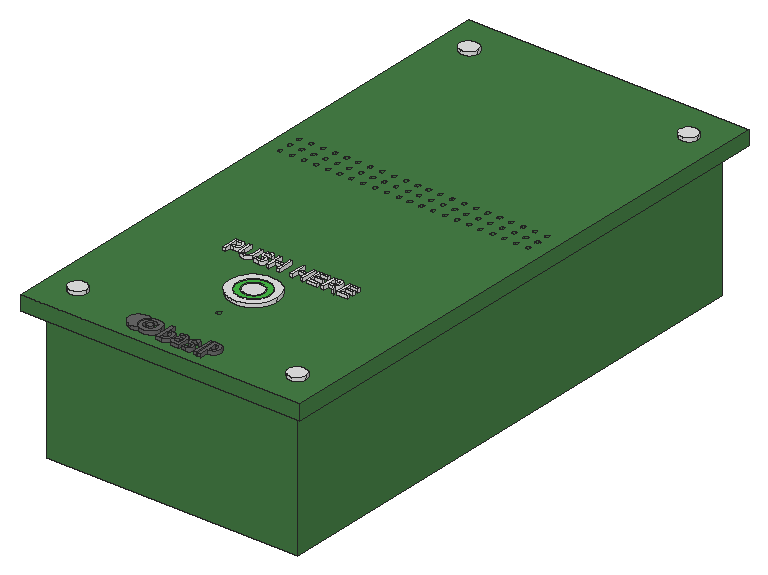
Revit family "AV-04AFD", category Устройства связи, Revit 2022
Family settings
  Размер круглого соединителя = Использовать диаметр
  Тип детали = Нормальный
  На основе рабочей плоскости = Да
  Всегда вертикально = Нет
  При загрузке вырезать с полостями = Нет
  Сохранять ориентацию аннотаций = Нет
  Общий = Да
  Точка принадлежности помещению = Нет
Parameters (values of type "AV-04AFD")
  Цветовое решение = "Серебро, Красный, Зеленый"
  Тип установки = "Врезной"
  Тип панели = "Индивидуальная"
  Температурный режим = "-40 ... +65 °С"
  Режим разговора = "Двухсторонний"
  Размер панели = "95х190х27 мм"
  Размер под установку, размер врезного кронштейна = "85х180х45 мм"
  Потребление питания = "6,5 Вт, в режиме ожидания – 2,5 Вт"
  Питание = "+ 12 Вольт, PoE"
  Default Elevation = 0 mm
  Описание = "BAS-IP AV-04AFD - Эта панель может быть установлена на специальных объектах с повышенными требованиями к пожарной безопасности. Она помогает организовать обратную связь с диспетчерской для подтверждения пожарной или аварийной ситуации."
  Материал корпуса = Материал темно-зеленый
  Корпус = "Металл"
  Количество мелодий вызова = "Установленные мелодии"
  Кнопки быстрого вызова = "Механическая кнопка"
  Класс степени защиты = "IP65"
  Интерфейс = "WEB–интерфейс"
  Изображение типоразмера = <Нет>
  Изготовитель = "BAS-IP"
  Дополнительно = "SIP P2P,  открытое API"
  Дисплей = "Нет"
  Группа модели = "Вызывная панель"
  Аутентификация = "WEB–интерфейс"
  URL = "https://www.bas-ip.ru"
  Email разработчика семейства = "lytvynchukartur@gmail.com"
  BIM library = "https://bimlib.ru/manufacturer/"
  ADSK_Размер_Ширина = 95 mm
  ADSK_Размер_Толщина = 27 mm
  ADSK_Размер_Длина = 190 mm
  ADSK_Примечание = ""
  ADSK_Полная мощность = 6.5 VA  # constant formula
  ADSK_Позиция = ""
  ADSK_Обозначение = ""
  ADSK_Номинальная мощность = 6.5 W
  ADSK_Напряжение = 12 V
  ADSK_Наименование краткое = "AV-04AFD"
  ADSK_Наименование = "ВЫЗЫВНАЯ ПАНЕЛЬ AV-04AFD"
  ADSK_Масса_Текст = ""
  ADSK_Марка = "AV-04AFD"
  ADSK_Коэффициент мощности = 0.9
  ADSK_Количество фаз = 1
  ADSK_Код изделия = ""
  ADSK_Классификация нагрузок = Вызывная панель
  ADSK_Зона = ""
  ADSK_Завод-изготовитель = "BAS-IP"
  ADSK_Единица измерения = "шт"
  ADSK_Версия Revit = "Revit 2020"  # constant formula
  ADSK_URL страницы изделия = "https://www.bas-ip.ru/catalog/panels/av-04afd/"
  ADSK_URL документации изделия = "https://www.bas-ip.ru/downloads/all/5824/"
Reference planes
  plane 1 "По центру (Вперед/Назад)": y = 0
  plane 2: z = 0
  plane 3 "По центру (Влево/Вправо)": x = 0
Forms (mm)
  Extrusion 1, solid, material "Материал черный", detail levels medium+fine
    sketch origin (-347.374, 95.5, 55) x (1, 0, 0) y (0, 1, 0)
      loop
        line (355.91, -186.947) -> (356.876, -186.947) -> (356.876, -179.913) -> (355.91, -179.913) -> (355.91, -186.947)
      loop
        line (357.377, -186.947) -> (358.377, -186.947) -> (358.377, -184.451)
        arc (358.377, -184.451) -> (361.041, -182.66) -> (359.379, -179.913) r 2.326
        line (359.379, -179.913) -> (357.377, -179.913) -> (357.377, -186.947)
      loop
        arc (358.377, -183.451) -> (360.221, -182.217) -> (358.377, -180.983) r 1.335
        line (358.377, -180.983) -> (358.377, -183.451)
      loop
        line (342.946, -179.913) -> (342.946, -186.947) -> (344.968, -186.947)
        spline (344.968, -186.947) -> (345.634, -186.72) -> (346.221, -186.353) -> (346.689, -185.871) -> (347.005, -185.307) -> (347.148, -184.699) -> (347.109, -184.089) -> (346.89, -183.519) -> (346.506, -183.026) -> (345.984, -182.646) -> (345.358, -182.403) -> (344.672, -182.314) -> (343.972, -182.385)
        line (343.972, -182.385) -> (343.972, -179.913) -> (342.946, -179.913)
      loop
        line (343.972, -183.426) -> (343.972, -185.927) -> (345.157, -185.927)
        spline (345.157, -185.927) -> (345.542, -185.692) -> (345.86, -185.388) -> (346.09, -185.036) -> (346.217, -184.659) -> (346.23, -184.283) -> (346.13, -183.934) -> (345.923, -183.636) -> (345.624, -183.408) -> (345.252, -183.267) -> (344.834, -183.222) -> (344.397, -183.276) -> (343.972, -183.426)
      loop
        line (354.371, -183.077) -> (354.371, -182.08)
        arc (354.371, -182.08) -> (353.527, -181.636) -> (352.582, -181.765) r 1.562
        arc (352.582, -181.765) -> (351.902, -182.393) -> (351.698, -183.296) r 1.562
        arc (351.698, -183.296) -> (352.118, -184.311) -> (353.134, -184.732) r 1.436
        arc (353.134, -184.732) -> (353.678, -184.957) -> (353.903, -185.501) r 0.769
        arc (353.903, -185.501) -> (353.519, -186.167) -> (352.749, -186.167) r 0.769
        line (352.749, -186.167) -> (351.665, -185.976) -> (351.665, -186.777) -> (353.173, -187.043)
        arc (353.173, -187.043) -> (354.539, -185.977) -> (354.178, -184.282) r 1.634
        line (354.178, -184.282) -> (353.112, -183.956)
        arc (353.112, -183.956) -> (352.563, -183.005) -> (353.595, -182.629) r 0.717
        line (353.595, -182.629) -> (354.371, -183.077)
      loop
        line (350.666, -186.947) -> (350.666, -182.599)
        arc (350.666, -182.599) -> (349.304, -181.597) -> (347.682, -182.073) r 1.905
        arc (347.682, -182.073) -> (347.604, -182.585) -> (348.086, -182.774) r 0.415
        arc (348.086, -182.774) -> (349.009, -182.264) -> (349.931, -182.774) r 1.09
        line (349.931, -182.774) -> (349.931, -183.578) -> (348.501, -183.578)
        arc (348.501, -183.578) -> (347.388, -185.155) -> (348.105, -186.947) r 2.022
        line (348.105, -186.947) -> (350.666, -186.947)
      loop
        line (349.931, -185.927) -> (349.931, -184.364) -> (348.861, -184.364)
        arc (348.861, -184.364) -> (348.08, -185.146) -> (348.861, -185.927) r 0.781
        line (348.861, -185.927) -> (349.931, -185.927)
      loop
        spline (337.212, -183.2) -> (337.246, -183.454) -> (337.345, -183.691) -> (337.502, -183.894) -> (337.707, -184.05) -> (337.946, -184.149) -> (338.203, -184.182) -> (338.459, -184.149) -> (338.698, -184.05) -> (338.903, -183.894) -> (339.061, -183.691) -> (339.159, -183.454) -> (339.193, -183.2)
        spline (339.193, -183.2) -> (339.159, -182.946) -> (339.061, -182.709) -> (338.903, -182.505) -> (338.698, -182.349) -> (338.459, -182.251) -> (338.203, -182.218) -> (337.946, -182.251) -> (337.707, -182.349) -> (337.502, -182.505) -> (337.345, -182.709) -> (337.246, -182.946) -> (337.212, -183.2)
      loop
        spline (336.121, -183.2) -> (336.192, -183.734) -> (336.4, -184.232) -> (336.731, -184.659) -> (337.162, -184.987) -> (337.664, -185.193) -> (338.203, -185.264) -> (338.741, -185.193) -> (339.243, -184.987) -> (339.674, -184.659) -> (340.005, -184.232) -> (340.213, -183.734) -> (340.284, -183.2)
        spline (340.284, -183.2) -> (340.213, -182.666) -> (340.005, -182.168) -> (339.674, -181.741) -> (339.243, -181.413) -> (338.741, -181.206) -> (338.203, -181.136) -> (337.664, -181.206) -> (337.162, -181.413) -> (336.731, -181.741) -> (336.4, -182.168) -> (336.192, -182.666) -> (336.121, -183.2)
      loop
        spline (334.697, -183.2) -> (334.817, -184.089) -> (335.167, -184.917) -> (335.724, -185.628) -> (336.45, -186.173) -> (337.295, -186.516) -> (338.203, -186.633) -> (339.11, -186.516) -> (339.955, -186.173) -> (340.681, -185.628) -> (341.238, -184.917) -> (341.589, -184.089) -> (341.708, -183.2)
        spline (341.708, -183.2) -> (341.589, -182.311) -> (341.238, -181.483) -> (340.681, -180.772) -> (339.955, -180.226) -> (339.11, -179.883) -> (338.203, -179.766) -> (337.295, -179.883) -> (336.45, -180.226) -> (335.724, -180.772) -> (335.167, -181.483) -> (334.817, -182.311) -> (334.697, -183.2)
    from -52 to -49
  Extrusion 2, solid, material "Материал черный", detail levels medium+fine
    sketch origin (-377.374, 95.5, 55) x (1, 0, 0) y (0, 1, 0)
      loop
        spline (366.353, -186.117) -> (365.878, -185.77) -> (365.47, -185.35) -> (365.139, -184.869) -> (364.896, -184.34) -> (364.747, -183.778) -> (364.697, -183.2) -> (364.747, -182.622) -> (364.896, -182.06) -> (365.139, -181.531) -> (365.47, -181.05) -> (365.878, -180.63) -> (366.353, -180.283)
        spline (366.353, -180.283) -> (365.205, -179.836) -> (363.969, -179.807) -> (362.8, -180.199) -> (361.843, -180.965) -> (361.216, -182.008) -> (360.998, -183.2) -> (361.216, -184.391) -> (361.843, -185.435) -> (362.8, -186.201) -> (363.969, -186.593) -> (365.205, -186.564) -> (366.353, -186.117)
    from -52 to -49
  Extrusion 3, solid, material "Материал темно-зеленый" <- "Материал корпуса", detail levels medium+fine
    sketch origin (544.897, 48.335, -2.742) x (1, 0, 0) y (0, 1, 0)
      loop
        line (-587.397, 41.665) -> (-587.397, -138.335) -> (-502.397, -138.335) -> (-502.397, 41.665) -> (-587.397, 41.665)
    from -42.258 to 2.742
  Extrusion 4, solid, material "Материал белый", detail levels medium+fine
    sketch origin (-194.354, -218.893, 55) x (1, 0, 0) y (0, 1, 0)
      loop
        circle (194.354, 163.393) r 3.5
    from -52 to -49
  Extrusion 5, solid, material "Материал белый", detail levels medium+fine
    sketch origin (-194.354, -223.893, 55) x (1, 0, 0) y (0, 1, 0)
      loop
        circle (194.354, 168.393) r 8
      loop
        circle (194.354, 168.393) r 5.5
    from -52 to -49
  Extrusion 6, solid, material "Материал зеленый", detail levels medium+fine
    sketch origin (-194.354, -223.893, 55) x (1, 0, 0) y (0, 1, 0)
      loop
        circle (194.354, 168.393) r 3.5
      loop
        circle (194.354, 168.393) r 5.5
    from -52 to -49
  Extrusion 7, solid, material "Материал темно-зеленый" <- "Материал корпуса", detail levels medium+fine
    sketch origin (156.434, -97.938, 54) x (1, 0, 0) y (0, 1, 0)
      loop
        line (-203.934, 192.938) -> (-203.934, 2.938) -> (-108.934, 2.938) -> (-108.934, 192.938) -> (-203.934, 192.938)
      loop
        circle (-154.584, 114.476) r 0.7
      loop
        circle (-193.684, 180.438) r 3
      loop
        circle (-193.684, 14.438) r 3
      loop
        circle (-156.434, 27.938) r 0.8
      loop
        circle (-119.184, 180.438) r 3
      loop
        circle (-119.184, 14.438) r 3
      loop
        circle (-154.584, 110.476) r 0.7
      loop
        circle (-154.584, 106.476) r 0.7
      loop
        circle (-150.568, 114.476) r 0.7
      loop
        circle (-150.568, 110.476) r 0.7
      loop
        circle (-150.568, 106.476) r 0.7
      loop
        circle (-146.552, 114.476) r 0.7
      loop
        circle (-146.552, 110.476) r 0.7
      loop
        circle (-146.552, 106.476) r 0.7
      loop
        circle (-142.536, 114.476) r 0.7
      loop
        circle (-142.536, 110.476) r 0.7
      loop
        circle (-142.536, 106.476) r 0.7
      loop
        circle (-138.521, 114.476) r 0.7
      loop
        circle (-138.521, 110.476) r 0.7
      loop
        circle (-138.521, 106.476) r 0.7
      loop
        circle (-134.505, 114.476) r 0.7
      loop
        circle (-134.505, 110.476) r 0.7
      loop
        circle (-134.505, 106.476) r 0.7
      loop
        circle (-130.489, 114.476) r 0.7
      loop
        circle (-130.489, 110.476) r 0.7
      loop
        circle (-130.489, 106.476) r 0.7
      loop
        circle (-126.473, 114.476) r 0.7
      loop
        circle (-126.473, 110.476) r 0.7
      loop
        circle (-126.473, 106.476) r 0.7
      loop
        circle (-122.457, 114.476) r 0.7
      loop
        circle (-122.457, 110.476) r 0.7
      loop
        circle (-122.457, 106.476) r 0.7
      loop
        circle (-118.442, 114.476) r 0.7
      loop
        circle (-118.442, 110.476) r 0.7
      loop
        circle (-118.442, 106.476) r 0.7
      loop
        circle (-114.426, 114.476) r 0.7
      loop
        circle (-114.426, 110.476) r 0.7
      loop
        circle (-114.426, 106.476) r 0.7
      loop
        circle (-158.284, 114.476) r 0.7
      loop
        circle (-158.284, 110.476) r 0.7
      loop
        circle (-158.284, 106.476) r 0.7
      loop
        circle (-162.3, 114.476) r 0.7
      loop
        circle (-162.3, 110.476) r 0.7
      loop
        circle (-162.3, 106.476) r 0.7
      loop
        circle (-166.315, 114.476) r 0.7
      loop
        circle (-166.315, 110.476) r 0.7
      loop
        circle (-166.315, 106.476) r 0.7
      loop
        circle (-170.331, 114.476) r 0.7
      loop
        circle (-170.331, 110.476) r 0.7
      loop
        circle (-170.331, 106.476) r 0.7
      loop
        circle (-174.347, 114.476) r 0.7
      loop
        circle (-174.347, 110.476) r 0.7
      loop
        circle (-174.347, 106.476) r 0.7
      loop
        circle (-178.363, 114.476) r 0.7
      loop
        circle (-178.363, 110.476) r 0.7
      loop
        circle (-178.363, 106.476) r 0.7
      loop
        circle (-182.379, 114.476) r 0.7
      loop
        circle (-182.379, 110.476) r 0.7
      loop
        circle (-182.379, 106.476) r 0.7
      loop
        circle (-186.394, 114.476) r 0.7
      loop
        circle (-186.394, 110.476) r 0.7
      loop
        circle (-186.394, 106.476) r 0.7
      loop
        circle (-190.41, 114.476) r 0.7
      loop
        circle (-190.41, 110.476) r 0.7
      loop
        circle (-190.41, 106.476) r 0.7
      loop
        circle (-194.426, 114.476) r 0.7
      loop
        circle (-194.426, 110.476) r 0.7
      loop
        circle (-194.426, 106.476) r 0.7
      loop
        circle (-198.442, 114.476) r 0.7
      loop
        circle (-198.442, 110.476) r 0.7
      loop
        circle (-198.442, 106.476) r 0.7
    from -54 to -49
  Extrusion 8, solid, material "Материал белый", detail levels medium+fine
    sketch origin (-216.48, -241.81, 55) x (1, 0, 0) y (0, 1, 0)
      loop
        circle (179.23, 158.31) r 3
      loop
        circle (253.73, 158.31) r 3
      loop
        circle (179.23, 324.31) r 3
      loop
        circle (253.73, 324.31) r 3
    from -52 to -49
  Extrusion 9, solid, material "Материал белый", detail levels medium+fine
    sketch origin (-359.118, 177.366, 55) x (1, 0, 0) y (0, 1, 0)
      loop
        line (338.493, -220.061) -> (339.341, -220.061) -> (339.341, -218.285) -> (340.863, -218.285)
        arc (340.863, -218.285) -> (342.642, -216.506) -> (340.863, -214.727) r 1.779
        line (340.863, -214.727) -> (338.493, -214.727) -> (338.493, -220.061)
      loop
        line (339.341, -217.513) -> (340.948, -217.513)
        arc (340.948, -217.513) -> (341.941, -216.52) -> (340.948, -215.527) r 0.993
        line (340.948, -215.527) -> (339.341, -215.527) -> (339.341, -217.513)
      loop
        line (343.117, -214.727) -> (343.117, -218.749)
        arc (343.117, -218.749) -> (345.422, -220.275) -> (347.726, -218.749) r 2.503
        line (347.726, -218.749) -> (347.726, -214.727) -> (346.922, -214.727) -> (346.922, -218.082)
        arc (346.922, -218.082) -> (345.422, -219.582) -> (343.922, -218.082) r 1.5
        line (343.922, -218.082) -> (343.922, -214.727) -> (343.117, -214.727)
      loop
        line (353.37, -214.727) -> (353.37, -220.061) -> (354.159, -220.061) -> (354.159, -217.801) -> (356.936, -217.801) -> (356.936, -220.061) -> (357.741, -220.061) -> (357.741, -214.727) -> (356.936, -214.727) -> (356.936, -217.001) -> (354.159, -217.001) -> (354.159, -214.727) -> (353.37, -214.727)
      loop
        line (352.091, -216.216) -> (352.091, -215.289)
        arc (352.091, -215.289) -> (351.184, -214.667) -> (350.09, -214.773) r 1.608
        arc (350.09, -214.773) -> (349.391, -215.42) -> (349.181, -216.349) r 1.608
        arc (349.181, -216.349) -> (349.613, -217.394) -> (350.658, -217.827) r 1.478
        arc (350.658, -217.827) -> (351.218, -218.059) -> (351.45, -218.618) r 0.791
        arc (351.45, -218.618) -> (351.054, -219.303) -> (350.263, -219.303) r 0.791
        line (350.263, -219.303) -> (348.842, -219.053) -> (348.842, -219.877) -> (350.699, -220.204)
        arc (350.699, -220.204) -> (352.104, -219.107) -> (351.733, -217.364) r 1.681
        line (351.733, -217.364) -> (350.636, -217.028)
        arc (350.636, -217.028) -> (350.071, -216.049) -> (351.133, -215.663) r 0.738
        line (351.133, -215.663) -> (352.091, -216.216)
      loop
        line (361.37, -214.727) -> (361.37, -220.061) -> (362.159, -220.061) -> (362.159, -217.801) -> (364.936, -217.801) -> (364.936, -220.061) -> (365.741, -220.061) -> (365.741, -214.727) -> (364.936, -214.727) -> (364.936, -217.001) -> (362.159, -217.001) -> (362.159, -214.727) -> (361.37, -214.727)
      loop
        line (366.821, -220.061) -> (370.44, -220.061) -> (370.44, -219.261) -> (367.623, -219.261) -> (367.623, -217.801) -> (370.44, -217.801) -> (370.44, -217.001) -> (367.623, -217.001) -> (367.623, -215.51) -> (370.44, -215.51) -> (370.44, -214.727) -> (366.821, -214.727) -> (366.821, -220.061)
      loop
        line (377.133, -220.061) -> (380.753, -220.061) -> (380.753, -219.261) -> (377.935, -219.261) -> (377.935, -217.801) -> (380.753, -217.801) -> (380.753, -217.001) -> (377.935, -217.001) -> (377.935, -215.51) -> (380.753, -215.51) -> (380.753, -214.727) -> (377.133, -214.727) -> (377.133, -220.061)
      loop
        line (371.894, -220.061) -> (372.742, -220.061) -> (372.742, -218.285) -> (374.264, -218.285) -> (375.461, -220.061) -> (376.261, -220.061) -> (374.966, -218.141)
        arc (374.966, -218.141) -> (376.006, -216.148) -> (374.264, -214.727) r 1.779
        line (374.264, -214.727) -> (371.894, -214.727) -> (371.894, -220.061)
      loop
        line (372.742, -217.513) -> (374.349, -217.513)
        arc (374.349, -217.513) -> (375.342, -216.52) -> (374.349, -215.527) r 0.993
        line (374.349, -215.527) -> (372.742, -215.527) -> (372.742, -217.513)
    from -52 to -49
Lines and regions (mm)
  symbolic lines
    curve 1: line (207.75, -85, 0) -> (292.25, -85, 0)
    curve 2: line (-47.5, -95, 0) -> (47.5, -95, 0)
    curve 3: line (-47.5, -95, 0) -> (-47.5, 95, 0)
    curve 4: line (47.5, -95, 0) -> (47.5, 95, 0)
    curve 5: line (-47.5, 95, 0) -> (47.5, 95, 0)
Dimensions and locks
  aligned and locked: level to plane 2
Connectors
  electrical at (0, 0, -45)
    settings: on Extrusion 3, index 5, voltage 0 V, apparent load 0 VA, apparent load phase1 0 VA, apparent load phase2 0 VA, apparent load phase3 0 VA, power factor 1, load classification "Прочее", number of poles 1, system type 13, power factor state 1, is connector primary yes, connector utility no, sub classification motor no, connector description ""
  electrical at (7.231, 0.308, -45)
    settings: on Extrusion 3, index 10, voltage 12 V, apparent load 6.5 VA, apparent load phase1 0 VA, apparent load phase2 0 VA, apparent load phase3 0 VA, power factor 0.9, load classification "Вызывная панель", number of poles 1, system type 30, power factor state 1, is connector primary no, connector utility no, sub classification motor no, connector description ""
  electrical at (-7.769, 0.308, -45)
    settings: on Extrusion 3, index 13, voltage 0 V, apparent load 0 VA, apparent load phase1 0 VA, apparent load phase2 0 VA, apparent load phase3 0 VA, power factor 1, load classification "Прочее", number of poles 1, system type 5, power factor state 1, is connector primary no, connector utility no, sub classification motor no, connector description ""
